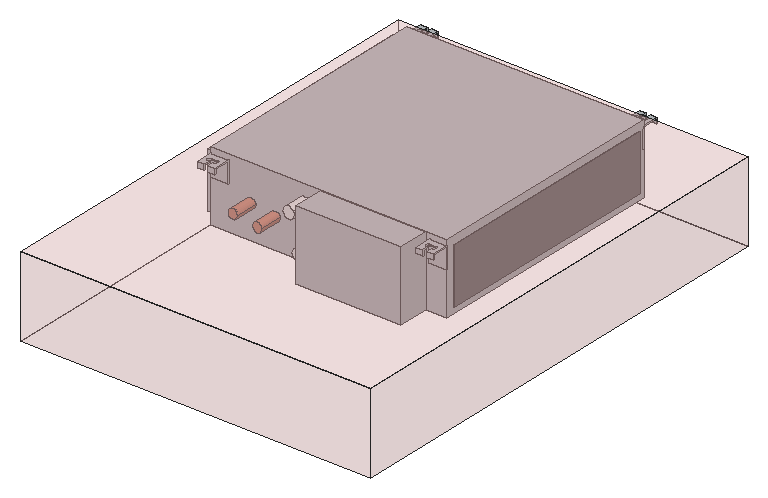
Revit family "PEFY-WP15VMS1-E_Service_Area2", category Mechanical Equipment, host Ceiling, Revit 2012
Parameters (values of type "PEFY-WP15VMS1-E_240V_60Hz")
  Description = "Ceiling concealed"
  Manufacturer = "Mitsubishi Electric Corporation"
  Model = "PEFY-WP15VMS1-E"
  Width = 790 mm
  Water Pipe_radius (To HBC Unit) = 13.2 mm
  Water Pipe_radius (From HBC Unit) = 13.2 mm
  WarrantyStart = ""
  Voltage = 240 V
  Unit Weight (kg) = 19
  URL = "http://www.mitsubishielectric.com/"
  TagNumber = 0
  Subcategory = "HVAC"
  Space View = yes
  Sound Pressure Level_Mid (dB(A)) = 24
  Sound Pressure Level_Low (dB(A)) = 22
  Sound Pressure Level_High (dB(A)) = 28
  SerialNumber = 0
  ReplacementYear = ""
  Protection Device = "Fuse"
  Phase = 1
  Maximum Circuit Ampacity (A) = 0.63
  InstallationDate = ""
  Hertz = 60 Hz
  Height = 200 mm
  Heating Power Input (kW) = 0.03
  Heating Current (A) = 0.33
  Heating Capacity (kW) = 1.9
  Fan_Type = "Sirocco fan"
  Fan_Quantity = 2
  Fan Motor Output (kW) = 0.096
  External_static_pressure (Pa) = "5-15-35-50"
  External Finish = "Galvanized steel plate"
  Equip_description = ""
  Equip_No. = 0
  Equip_ID = ""
  Drain pipe2_radius = 16 mm
  Drain pipe1_radius = 16 mm
  Description = ""
  Depth = 700 mm
  CreatedOn = ""
  CreatedBy = ""
  Cooling Power Input (kW) = 0.05
  Cooling Current (A) = 0.44
  Cooling Capacity (kW) = 1.7
  Category = ""
  Barcode = ""
  AssetIdentifier = ""
  Airflow Rate_Mid (m3/min) = 6
  Airflow Rate_Mid (m3/h) = 360
  Airflow Rate_Low (m3/min) = 5
  Airflow Rate_Low (m3/h) = 300
  Airflow Rate_High (m3/min) = 7
  Airflow Rate_High (m3/h) = 420
Types (6, lengths in mm): name | Voltage | Hertz
  PEFY-WP15VMS1-E_220V_50Hz | 220 V | 50 Hz
  PEFY-WP15VMS1-E_220V_60Hz | 220 V | 60 Hz
  PEFY-WP15VMS1-E_230V_50Hz | 230 V | 50 Hz
  PEFY-WP15VMS1-E_230V_60Hz | 230 V | 60 Hz
  PEFY-WP15VMS1-E_240V_50Hz | 240 V | 50 Hz
  PEFY-WP15VMS1-E_240V_60Hz | 240 V | 60 Hz
Reference planes
  plane 1 "Center (Front/Back)": y = 0
  plane 2: z = 0
  plane 3 "Center (Left/Right)": x = 0
  plane 4 "Ceiling": z = 4030
  plane 5: z = 4050
  plane 6: y = -990
  plane 7: z = 4250
  plane 8: y = -875
  plane 9: y = -350
  plane 10: y = 350
  plane 11: y = 350
  plane 12: z = 4235
  plane 13: x = 325
  plane 14: x = 350
  plane 15: x = -300
  plane 16: x = -350
  plane 17: z = 4230
  plane 18: x = -57
  plane 19: z = 4202
  plane 20: z = 4080
  plane 21: x = -211
  plane 22: x = -141
  plane 23: z = 4148
  plane 24: z = 4138
  plane 25: y = -440
Forms (mm)
  Extrusion 1, solid, material "Plated steel"
    sketch origin (88.259, -337.375, 3750) x (1, 0, 0) y (0, 1, 0)
      loop
        line (-415.259, 687.375) -> (-415.259, -12.625) -> (261.741, -12.625) -> (261.741, 687.375) -> (-415.259, 687.375)
    from 300 to 500
  Extrusion 2, solid, material "Service space", visible <- "Space View"
    sketch origin (-2000, 6000, 4050) x (0, 1, 0) y (1, 0, 0)
      loop
        line (-7000, 1650) -> (-5650, 1650) -> (-5650, 2650) -> (-7000, 2650) -> (-7000, 1650)
    from 20 to -210
  Extrusion 3, solid
    sketch origin (0, 0, 0) x (0, 1, 0) y (0, 0, 1)
      loop
        line (-330, 4230) -> (-330, 4071) -> (330, 4071) -> (330, 4230) -> (-330, 4230)
    from 350 to 355
  Extrusion 4, solid
    sketch origin (-350, 0, 4250) x (0, 0, 1) y (0, -1, 0)
      loop
        line (-20, 330) -> (-179, 330) -> (-179, -330) -> (-20, -330) -> (-20, 330)
    from 0 to 23
  Extrusion 5, solid
    sketch origin (794.259, -350, 3750) x (-1, 0, 0) y (0, 0, -1)
      loop
        circle (851.259, -452) r 16
    from 0 to 57
  Extrusion 6, solid
    sketch origin (794.259, -350, 3750) x (-1, 0, 0) y (0, 0, -1)
      loop
        circle (851.259, -330) r 16
    from 0 to 25
  Extrusion 7, solid
    sketch origin (794.259, -350, 3750) x (-1, 0, 0) y (0, 0, -1)
      loop
        line (505.751, -500) -> (805.751, -500) -> (805.751, -300) -> (505.751, -300) -> (505.751, -500)
    from 0 to 90
  Extrusion 8, solid
    sketch origin (794.259, -350, 3750) x (-1, 0, 0) y (0, 0, -1)
      loop
        circle (1005.259, -398) r 13.2
      loop
        circle (935.259, -388) r 13.2
    from 0 to 64
Lines and regions (mm)
  model lines, visible <- "Space View"
    curve 1: line (-400, 400, 4030) -> (377, 400, 4030)
    curve 2: line (-400, -400, 4030) -> (-400, 400, 4030)
    curve 3: line (377, -400, 4030) -> (-400, -400, 4030)
    curve 4: line (377, 400, 4030) -> (377, -400, 4030)
    curve 5: line (125, -550, 4030) -> (575, -550, 4030)
    curve 6: line (125, -1000, 4030) -> (125, -550, 4030)
    curve 7: line (575, -1000, 4030) -> (125, -1000, 4030)
    curve 8: line (575, -550, 4030) -> (575, -1000, 4030)
Dimensions and locks
  equal spacing: host sketch curve, plane 3 "Center (Left/Right)", host sketch curve
  equal spacing: host sketch curve, plane 1 "Center (Front/Back)", host sketch curve
  host sketch curve to host sketch curve = 4000 mm  (x2)
  locked: plane 4 "Ceiling" to host ceiling at 0
  Extrusion 1 to Extrusion 1 = 700 mm
  Extrusion 1 to plane 1 "Center (Front/Back)" = 350 mm
  plane 5 to Extrusion 1 = 200 mm
  plane 7 to plane 5 = 200 mm
  Extrusion 1 to plane 8 = 525 mm
  plane 4 "Ceiling" to plane 5 = 20 mm
  Extrusion 1 to Extrusion 1 = 677 mm
  plane 9 to plane 11 = 700 mm
  locked: plane 12 to plane 7 at 15
  locked: plane 17 to plane 7 at 20
  locked: Extrusion 3 to plane 17 at 159
  locked: Extrusion 4 to plane 17 at 159
  plane 7 to plane 19 to plane 20 = 48 mm locked, 122 mm locked
  locked: Extrusion 7 to Extrusion 7 at 200
  plane 7 to plane 23 to plane 24 = 102 mm locked, 10 mm locked
  plane 16 to curve 4 = 727 mm
  plane 14 to plane 13 = 25 mm
  aligned and locked: plane 5 to Extrusion 1
  aligned and locked: Extrusion 1 to plane 7
  aligned and locked: plane 9 to Extrusion 1
  aligned and locked: plane 11 to Extrusion 1
  aligned and locked: nested 1 to Extrusion 1
  aligned and locked: nested 1 to plane 15
  aligned and locked: nested 1 to plane 12
  aligned and locked: nested 2 to plane 12
  aligned and locked: plane 12 to nested 4
  aligned and locked: plane 12 to nested 3
  aligned and locked: nested 4 to plane 11
  aligned and locked: nested 3 to plane 11
  aligned and locked: Extrusion 3 to plane 17
  aligned and locked: Extrusion 4 to plane 17
  aligned and locked: plane 9 to nested 2
  aligned and locked: plane 19 to Extrusion 5
  aligned and locked: plane 20 to Extrusion 6
  aligned and locked: Extrusion 7 to plane 7
  aligned and locked: plane 23 to Extrusion 8
  aligned and locked: plane 24 to Extrusion 8
Nested families
  nested 1: "LEG" at (-300, -376, 4235), type "LEG_28"
  nested 2: "LEG" at (325, -376, 4235), type "LEG_28"
  nested 3: "LEG" at (-300, 376, 4235), type "LEG_28"
  nested 4: "LEG" at (325, 376, 4235), type "LEG_28"
Connectors
  piping at (-57, -407, 4202), driven by "Drain pipe1_radius"
    settings: on Extrusion 5, index 1, connector radius 16 mm, flow factor 0, pipe flow 0.0 L/s, pressure drop 0.0 Pa, fitting loss kfactor 0, connector angle 0.00°, fixture units 0, engagement length 0 mm, flow configuration 0, flow direction 2, fitting loss method 0, system type 22, joint type 0, gender type 0, connector reference index -1, connector utility 0, adjustable connector no, is connector primary yes, fitting loss table "", connector description "Drain pipe"
  piping at (-57, -375, 4080), driven by "Drain pipe2_radius"
    settings: on Extrusion 6, index 2, connector radius 16 mm, flow factor 0, pipe flow 0.0 L/s, pressure drop 0.0 Pa, fitting loss kfactor 0, connector angle 0.00°, fixture units 0, engagement length 0 mm, flow configuration 0, flow direction 2, fitting loss method 0, system type 22, joint type 0, gender type 0, connector reference index -1, connector utility 0, adjustable connector no, is connector primary no, fitting loss table "", connector description "Drain pipe"
  piping at (-141, -414, 4138)
    settings: on Extrusion 8, index 3, connector radius 13.2 mm, flow factor 0, pipe flow 0.0 L/s, pressure drop 0.0 Pa, fitting loss kfactor 0, connector angle 0.00°, fixture units 0, engagement length 0 mm, flow configuration 0, flow direction 1, fitting loss method 0, system type 22, joint type 0, gender type 0, connector reference index -1, connector utility 0, adjustable connector no, is connector primary no, fitting loss table "", connector description "Water pipe(From HBC unit)"
  piping at (-211, -414, 4148)
    settings: on Extrusion 8, index 4, connector radius 13.2 mm, flow factor 0, pipe flow 0.0 L/s, pressure drop 0.0 Pa, fitting loss kfactor 0, connector angle 0.00°, fixture units 0, engagement length 0 mm, flow configuration 0, flow direction 2, fitting loss method 0, system type 22, joint type 0, gender type 0, connector reference index -1, connector utility 0, adjustable connector no, is connector primary no, fitting loss table "", connector description "Water pipe(To HBC unit)"
  hvac at (355, 0, 4150.5)
    settings: on Extrusion 3, index 5, duct flow 0.0 L/s, flow factor 0, pres drop 0.0 Pa, loss coef 0, conn angle 0.00°, conn width 660 mm, conn height 160 mm, conn radius 304.8 mm, duct sys type 1, conn prof type 1, flow config 0, flow direction 1, loss method 0, conn ref index -1, conn util no, is conn primary yes, conn desc "Air inlet"
  hvac at (-350, 0, 4150.5)
    settings: on Extrusion 4, index 6, duct flow 0.0 L/s, flow factor 0, pres drop 0.0 Pa, loss coef 0, conn angle 0.00°, conn width 660 mm, conn height 150 mm, conn radius 304.8 mm, duct sys type 3, conn prof type 1, flow config 0, flow direction 2, loss method 0, conn ref index -1, conn util no, is conn primary no, conn desc "Air outlet"
  electrical at (288.508, -395, 4150), driven by "Phase", driven by "Voltage"
    settings: on Extrusion 7, index 7, voltage 240 V, apparent load 0 VA, apparent load phase1 0 VA, apparent load phase2 0 VA, apparent load phase3 0 VA, power factor 1, load classification "Other", number of poles 1, system type 30, power factor state 1, is connector primary yes, connector utility no, sub classification motor no, connector description ""
Definition of nested family "LEG"
  Parameters (values of type "LEG_28")
    product distance = 28 mm
  Reference planes
    plane 1 "中心(正面/背面)": y = 0
    plane 2: z = 0
    plane 3 "中心(左/右)": x = 0
    plane 4: x = -25
    plane 5: x = 25
    plane 6: y = -23
    plane 7: y = 28
    plane 8: x = -8
    plane 9: x = 8
    plane 10: x = -6
    plane 11: x = 6
  Forms (mm)
    Extrusion 1, solid, material "Plated steel"
      sketch origin (0, 0, 0) x (1, 0, 0) y (0, 1, 0)
        loop
          line (-25, 26) -> (-25, -23) -> (25, -23) -> (25, 26) -> (-25, 26)
      from 0 to -60
    Extrusion 2, void
      sketch origin (0, 0, 0) x (0, 1, 0) y (0, 0, 1)
        loop
          line (-20.7, -2.3) -> (-20.7, -15) -> (-23, -15) -> (-23, -60) -> (24, -60) -> (24, -2.3) -> (-20.7, -2.3)
      from -25 to 25
    Extrusion 3, void
      sketch origin (0, 0, 0) x (1, 0, 0) y (0, 1, 0)
        loop
          arc (-8, 7) -> (-15, 0) -> (-8, -7) r 7
          line (-8, -7) -> (-6, -7) -> (-6, -23) -> (6, -23) -> (6, -7) -> (8, -7)
          arc (8, -7) -> (15, 0) -> (8, 7) r 7
          line (8, 7) -> (-8, 7)
      from 0 to -60
  Cuts and joins
    Extrusion 2, Extrusion 3 cuts Extrusion 1
  Dimensions and locks
    locked: Extrusion 1 sketch curve to Extrusion 1 sketch curve at 50
    equal spacing: Extrusion 1 sketch curve, plane 3 "中心(左/右)", Extrusion 1 sketch curve
    locked: plane 6 to plane 1 "中心(正面/背面)" at 23
    "product distance": plane 1 "中心(正面/背面)" to plane 7
    plane 7 to Extrusion 2 sketch curve = 4 mm
    locked: cut or joined group of Extrusion 1, Extrusion 2, Extrusion 3 to cut or joined group of Extrusion 1, Extrusion 2, Extrusion 3 at 2.3  (x2)
    aligned and locked: level to plane 2
    aligned and locked: Extrusion 2 to Extrusion 1
    aligned and locked: Extrusion 1 to Extrusion 2
    aligned and locked: Extrusion 2 sketch curve to cut or joined group of Extrusion 1, Extrusion 2, Extrusion 3  (x2)
    aligned and locked: cut or joined group of Extrusion 1, Extrusion 2, Extrusion 3 to Extrusion 3 sketch curve
    aligned and locked: plane 6 to Extrusion 1 sketch curve
  Automatic sketch dimensions
    Extrusion 2 sketch curve to plane 6 = 2.3 mm
    Extrusion 2 sketch curve to level = 15 mm
    Extrusion 2 sketch curve to level = 2.3 mm
    plane 1 "中心(正面/背面)" to Extrusion 3 sketch curve = 0 mm  (x2)
    Extrusion 3 sketch curve to plane 8 = 0 mm
    Extrusion 3 sketch curve to plane 10 = 0 mm
    Extrusion 3 sketch curve to plane 11 = 0 mm
    Extrusion 3 sketch curve to plane 9 = 0 mm  (x2)
    plane 1 "中心(正面/背面)" to Extrusion 3 sketch curve = 7 mm
    plane 7 to Extrusion 1 sketch curve = 2 mm
